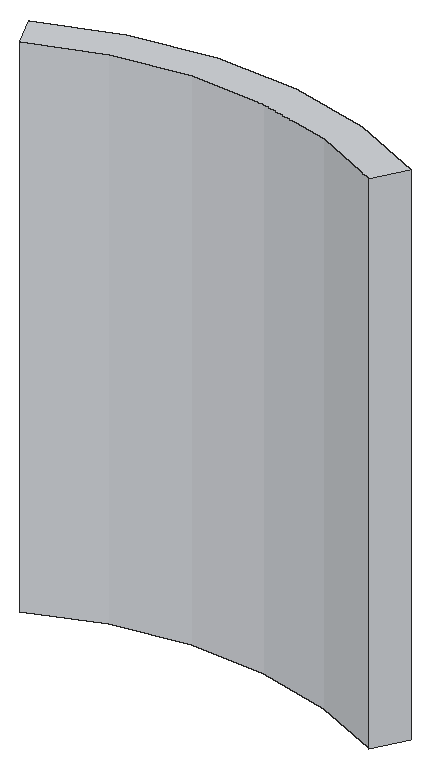
Revit family "EXP_WT-8_CPan-001", category Curtain Panels, Revit 2021
Family settings
  OmniClass Number = 23.25.20.14.11.11.17
  OmniClass Title = Infill Panels
  Always vertical = Yes
  Cut with Voids When Loaded = Yes
  Shared = No
Parameters
  GlassH1 = none
  GlassCode [instance] = ""
  Description = "Curve"
  Define Thermal Properties by = Schematic Type
  CellSp = 0' - 11"
  CellRayIN [instance] = CellRayEX - CellSp  # 9' - 7"
  CellRayEX = 10' - 6"
  CellH [instance] = 13' - 1.48031"
  Analytic Construction = "<None>"
Reference planes (in)
  plane 1 "Center (Front/Back)": y = 0
  plane 2: z = 0
  plane 3 "Center (Left/Right)": x = 0
  plane 4 "Left": x = -59.05512
  plane 5 "Right": x = 59.05512
  plane 6 "Top": z = 157.48031
Forms (in)
  Extrusion 1, solid, material <- "GlassH1"
    sketch origin (0, 0, 0) x (1, 0, 0) y (0, 1, 0)
      loop
        line (-59.05512, 0) -> (-53.89951, -9.71698)
        arc (-53.89951, -9.71698) -> (0, 3.69639) -> (53.89951, -9.71698) r 115
        line (53.89951, -9.71698) -> (59.05512, 0)
        arc (59.05512, 0) -> (0, 14.69639) -> (-59.05512, 0) r 126
    from 0 to 157.48031
Lines and regions (in)
  reference lines
    curve 1: line (59.05512, 0, 0) -> (0, -111.30361, 0)
    curve 2: line (-59.05512, 0, 0) -> (0, -111.30361, 0)
    curve 3: line (59.05512, 0, 0) -> (35.40606, 12.54764, 0)
    curve 4: line (-59.05512, 0, 0) -> (-33.31938, 13.65479, 0)
  model lines
    curve 5: arc (-59.05512, 0, 0) -> (0, 14.69639, 0) -> (59.05512, 0, 0) r 126
    curve 6: line (-59.05512, 0, 0) -> (-53.89951, -9.71698, 0)
    curve 7: line (59.05512, 0, 0) -> (53.89951, -9.71698, 0)
    curve 8: arc (53.89951, -9.71698, 0) -> (0, 3.69639, 0) -> (-53.89951, -9.71698, 0) r 115
Text (in)
  text "Exterior" at (-92.59733, 55.75508, 0), in view "Ref. Level"
  text "Exterior" at (0, 90.18664, 173.49264), in view "Left"
  text "Exterior" at (0, 52.29083, 162.21847), in view "Right"
Dimensions and locks (in)
  equal spacing: plane 4 "Left", plane 3 "Center (Left/Right)", plane 5 "Right"
  "CellRayEX": curve 2 to curve 2
  "CellRayEX": curve 2 to curve 1
  "CellSp": curve 6 to curve 6
  "CellSp": curve 7 to curve 7
  "CellH": plane 2 to plane 6 "Top"
  "CellRayEX": radius of curve 5
  locked: curve 2 to curve 4 (angle 90.00°)
  locked: curve 3 to curve 1 (angle 90.00°)
  aligned and locked: level to plane 2
  aligned and locked: curve 6 to curve 2
  aligned and locked: curve 7 to curve 1
  aligned and locked: Extrusion 1 sketch curve to curve 5
  aligned and locked: Extrusion 1 sketch curve to curve 8
  aligned and locked: Extrusion 1 sketch curve to curve 7
  aligned and locked: Extrusion 1 sketch curve to curve 6
  aligned and locked: Extrusion 1 to level
  aligned and locked: Extrusion 1 to plane 6 "Top"
Automatic sketch dimensions
  plane 1 "Center (Front/Back)" to curve 2 = 0' - 0"
  curve 2 to plane 4 "Left" = 0' - 0"
  curve 2 to plane 3 "Center (Left/Right)" = 0' - 0"
  plane 1 "Center (Front/Back)" to curve 3 = 0' - 0"
  curve 5 to curve 8 = 0' - 0"
  plane 1 "Center (Front/Back)" to curve 5 = 0' - 0"
  curve 8 to plane 3 "Center (Left/Right)" = 0' - 0"
